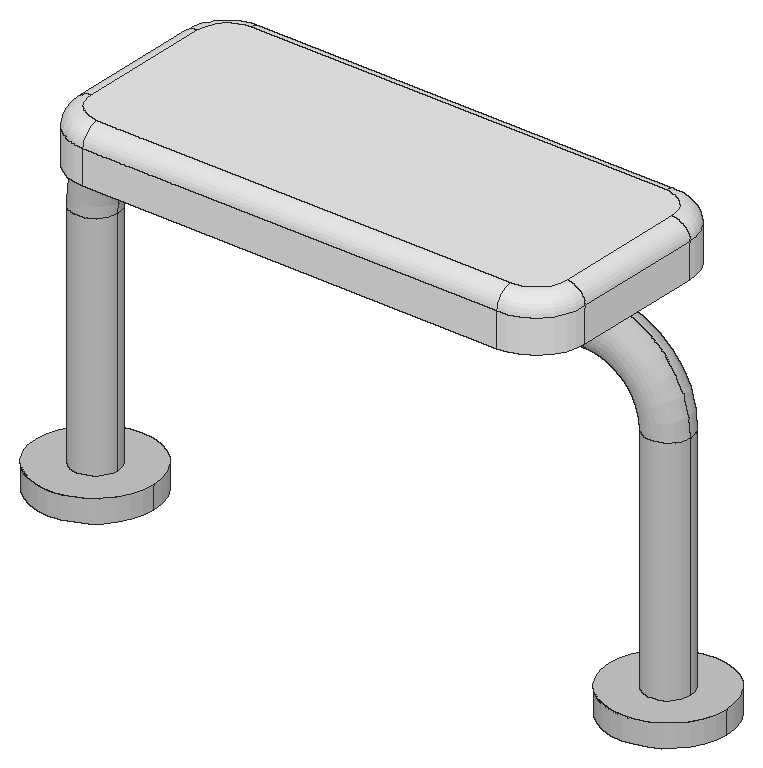
Revit family "xNBS_Bobrick_BackRest_B-5892", category Furniture, host Face, Revit 2015
Parameters (values of type "B-5892")
  WarrantyStartDate [instance] = "1900-12-31T23:59:59"  # constant formula
  WarrantyGuarantorParts = "n/a"  # constant formula
  WarrantyGuarantorLabor = "n/a"  # constant formula
  WarrantyDurationUnit = "n/a"  # constant formula
  WarrantyDurationParts = "n/a"  # constant formula
  WarrantyDurationLabor = "n/a"  # constant formula
  WarrantyDescription = "n/a"  # constant formula
  Version = "1"  # constant formula
  Uniclass2015Version = "Products v1.3"  # constant formula
  Uniclass2015Title = "WC pan backrests"  # constant formula
  Uniclass2015Code = "Pr_40_20_76_98"  # constant formula
  URL = "www.nationalbimlibrary.com"
  TagNumber [instance] = "n/a"  # constant formula
  SustainabilityPerformance = "n/a"  # constant formula
  Style = "n/a"  # constant formula
  Size = "405 x 281 x 160 mm"
  Shape = "n/a"  # constant formula
  SerialNumber [instance] = "n/a"  # constant formula
  Revision = "n/a"  # constant formula
  ReplacementCost = "n/a"  # constant formula
  Projection = 210 mm  # constant formula
  ProductInformation = "http://www.bobrick.co.uk/en/products/category/bathroom_accessories"
  NominalWidth = NominalLength  # 405 mm
  NominalLength = 405 mm
  NominalHeight = 160 mm  # constant formula
  NominalDepth = 281 mm  # constant formula
  Name = "B-5892"
  NBSTypeID = "n/a"  # constant formula
  NBSReference = "45-35-72/382"  # constant formula
  NBSOfficeMasterTag = "n/a"  # constant formula
  NBSNote = "n/a"  # constant formula
  NBSDescription = "WC backrests"  # constant formula
  NBSCertification = "http://www.nationalbimlibrary.com/cert/kltvurpk"
  ModelReference = "WC Backrest"
  ModelNumber = "n/a"  # constant formula
  Model = "B-5892"
  Material = "n/a"  # constant formula
  ManufacturerURL = "http://www.bobrick.co.uk"
  ManufacturerName = "n/a"  # constant formula
  Manufacturer = "Bobrick Washroom Equipment Ltd."
  MainColor = "n/a"  # constant formula
  InstallationDate [instance] = "1900-12-31T23:59:59"
  IfcExportType = "USERDEFINED"  # constant formula
  IfcExportAs = "IfcFurnitureType"  # constant formula
  Height = GrabBarRadius * 2  # 32 mm
  Grade = "n/a"  # constant formula
  GrabRailMaterial = Stainless Steel-Bobrick-Type 308-18 Gauge-Satin
  GrabBarRadius = 16 mm  # constant formula
  Finish = "n/a"  # constant formula
  Features = "n/a"  # constant formula
  ExpectedLife = "n/a"  # constant formula
  DurationUnit = "year"
  Description = "32mm (1-1⁄4\") Diameter Stainless Steel Grab Bar with Padded Back Rest"
  Depth = Projection + GrabBarRadius * 2  # 242 mm
  Default Elevation = 680 mm
  Cost = 0
  Constituents = "n/a"  # constant formula
  CodePerformance = "n/a"  # constant formula
  Category = "Pr_40_20_76_98:WC pan backrests"
  BarCode [instance] = "n/a"  # constant formula
  BackRestWidth = 360 mm  # constant formula
  BackRestMaterial = Foam-Bobrick-Polyurethane White
  BackRestDepth = 36 mm  # constant formula
  BIMObjectName = "Bobrick_WCBackrests_B-5892"
  Author = "NBS"  # constant formula
  AssetType = "Fixed"
  AssetIdentifier [instance] = "n/a"  # constant formula
  Assembly Code = "C1030200"
  AccessibilityPerformance = "n/a"  # constant formula
Reference planes
  plane 1 "RailTop": y = 0
  plane 2: z = 0
  plane 3 "Center (Left/Right)": x = 0
  plane 4 "RailCentreLeft": x = -202.5
  plane 5 "RailCentreRight": x = 202.5
  plane 6 "RailFaceFront": z = 245
  plane 7 "RailBottom": y = -32
  plane 8 "CentreElevation": y = -16
  plane 9 "RailEdgeLeft": x = -218.5
  plane 10 "RailEdgeRight": x = 218.5
  plane 11 "RailCentre": z = 229
  plane 12 "BackRestFront": z = 281
  plane 13: x = 180
  plane 14: x = -180
  plane 15: y = 64
  plane 16: y = -96
  plane 17: z = 16
  plane 18: z = 213
Forms (mm)
  Sweep 1, solid, material "Stainless Steel-Bobrick-Type 308-18 Gauge-Satin" <- "GrabRailMaterial"
    path origin (0, 0, 0) x (1, 0, 0) y (0, 0, 1)
      loop
        line (-202.5, 7) -> (-202.5, 179)
        arc (-202.5, 179) -> (-187.855, 214.355) -> (-152.5, 229) r 50
        line (-152.5, 229) -> (152.5, 229)
        arc (152.5, 229) -> (187.855, 214.355) -> (202.5, 179) r 50
        line (202.5, 179) -> (202.5, 7)
    profile origin (-202.5, 0, 93) x (-1, 0, 0) y (0, -1, 0)
      loop
        circle (0, 16) r 16
  Extrusion 2, solid, material "Stainless Steel-Bobrick-Type 308-18 Gauge-Satin" <- "GrabRailMaterial"
    sketch origin (0, 0, 0) x (1, 0, 0) y (0, 1, 0)
      loop
        circle (-202.5, -16) r 41.5
      loop
        circle (202.5, -16) r 41.5
    from 0 to 16
  Sweep 3, solid, material "Foam-Bobrick-Polyurethane White" <- "BackRestMaterial"
    path origin (0, 0, 0) x (1, 0, 0) y (0, 1, 0)
      loop
        arc (-146.625, 64) -> (-170.225, 54.225) -> (-180, 30.625) r 33.375
        line (-180, 30.625) -> (-180, -63)
        arc (-180, -63) -> (-170.335, -86.335) -> (-147, -96) r 33
        line (-147, -96) -> (145.5, -96)
        arc (145.5, -96) -> (169.895, -85.895) -> (180, -61.5) r 34.5
        line (180, -61.5) -> (180, 31)
        arc (180, 31) -> (170.335, 54.335) -> (147, 64) r 33
        line (147, 64) -> (-146.625, 64)
    profile origin (0.188, 64, 0) x (0, 1, 0) y (0, 0, 1)
      loop
        line (-12.311, 281) -> (-18.834, 281) -> (-18.834, 245) -> (0, 245) -> (0, 268.689)
        arc (0, 268.689) -> (-3.606, 277.394) -> (-12.311, 281) r 12.311
  Extrusion 4, solid, material "Foam-Bobrick-Polyurethane White" <- "BackRestMaterial"
    sketch origin (0, 0, 0) x (1, 0, 0) y (0, 1, 0)
      loop
        line (-161.166, 30.625) -> (-161.166, -63)
        arc (-161.166, -63) -> (-157.017, -73.017) -> (-147, -77.166) r 14.166
        line (-147, -77.166) -> (145.5, -77.166)
        arc (145.5, -77.166) -> (156.577, -72.577) -> (161.166, -61.5) r 15.666
        line (161.166, -61.5) -> (161.166, 31)
        arc (161.166, 31) -> (157.017, 41.017) -> (147, 45.166) r 14.166
        line (147, 45.166) -> (-146.625, 45.166)
        arc (-146.625, 45.166) -> (-156.907, 40.907) -> (-161.166, 30.625) r 14.541
    from 245 to 281
Cuts and joins
  joined: Sweep 3, Extrusion 4
  joined: Sweep 1, Extrusion 2
Lines and regions (mm)
  Masking region 1
    outline origin (0, 0, 0) x (1, 0, 0) y (0, 0, 1)
      loop
        line (244, 0) -> (244, 16) -> (218.5, 16) -> (218.5, 178.894)
        arc (218.5, 178.894) -> (200.053, 224.726) -> (155, 245) r 66.159
        line (155, 245) -> (180, 245) -> (180, 269.336)
        arc (180, 269.336) -> (176.584, 277.584) -> (168.336, 281) r 11.664
        line (168.336, 281) -> (-168.336, 281)
        arc (-168.336, 281) -> (-176.584, 277.584) -> (-180, 269.336) r 11.664
        line (-180, 269.336) -> (-180, 245) -> (-155, 245)
        arc (-155, 245) -> (-200.053, 224.726) -> (-218.5, 178.894) r 66.159
        line (-218.5, 178.894) -> (-218.5, 16) -> (-244, 16) -> (-244, 0) -> (-161, 0) -> (-161, 16) -> (-186.5, 16) -> (-186.5, 178.585)
        arc (-186.5, 178.585) -> (-176.974, 202.368) -> (-153.665, 213) r 34.453
        line (-153.665, 213) -> (153.665, 213)
        arc (153.665, 213) -> (176.974, 202.368) -> (186.5, 178.585) r 34.453
        line (186.5, 178.585) -> (186.5, 16) -> (161, 16) -> (161, 0) -> (244, 0)
  symbolic lines, detail levels medium+fine
    curve 1: line (155, 0, 245) -> (-155, 0, 245)
  symbolic lines, detail levels fine
    curve 2: line (218.5, 0, 16) -> (186.5, 0, 16)
    curve 3: line (-185, 0, 16) -> (-218.5, 0, 16)
Dimensions and locks
  equal spacing: plane 4 "RailCentreLeft", plane 3 "Center (Left/Right)", plane 5 "RailCentreRight"
  "NominalLength": plane 4 "RailCentreLeft" to plane 5 "RailCentreRight"
  equal spacing: plane 7 "RailBottom", plane 8 "CentreElevation", plane 1 "RailTop"
  "Height": plane 7 "RailBottom" to plane 1 "RailTop"
  "GrabBarRadius": plane 9 "RailEdgeLeft" to plane 4 "RailCentreLeft"
  "GrabBarRadius": plane 5 "RailCentreRight" to plane 10 "RailEdgeRight"
  plane 6 "RailFaceFront" to plane 11 "RailCentre" = 16 mm
  equal spacing: plane 14, plane 3 "Center (Left/Right)", plane 13
  "BackRestWidth": plane 14 to plane 13
  "BackRestDepth": plane 12 "BackRestFront" to plane 6 "RailFaceFront"
  equal spacing: plane 15, plane 8 "CentreElevation", plane 16
  "NominalHeight": plane 15 to plane 16
  level to plane 17 = 16 mm
  radius of Sweep 1 sketch curve = 50 mm  (x2)
  "GrabBarRadius": radius of Sweep 1 sketch curve
  radius of Sweep 3 sketch curve = 12.311 mm
  radius of Sweep 3 sketch curve = 33.375 mm
  radius of Sweep 3 sketch curve = 33 mm  (x2)
  diameter of Extrusion 2 sketch curve = 83 mm  (x2)
  aligned and locked: plane 2 to host face
  aligned and locked: level to host face
  aligned and locked: plane 4 "RailCentreLeft" to Sweep 1 sketch curve  (x2)
  aligned and locked: Sweep 1 sketch curve to plane 5 "RailCentreRight"
  aligned and locked: plane 8 "CentreElevation" to Sweep 1 sketch curve
  aligned and locked: plane 4 "RailCentreLeft" to Extrusion 2 sketch curve
  aligned and locked: plane 8 "CentreElevation" to Extrusion 2 sketch curve  (x2)
  aligned and locked: plane 5 "RailCentreRight" to Extrusion 2 sketch curve
  aligned and locked: Extrusion 2 to level
  aligned and locked: plane 17 to Extrusion 2
  aligned and locked: Sweep 3 sketch curve to plane 15
  aligned and locked: plane 13 to Sweep 3 sketch curve
  aligned and locked: Sweep 3 sketch curve to plane 14
  aligned and locked: plane 16 to Sweep 3 sketch curve
  aligned and locked: plane 12 "BackRestFront" to Sweep 3 sketch curve
  aligned and locked: plane 15 to Sweep 3 sketch curve
  aligned and locked: plane 6 "RailFaceFront" to Sweep 3 sketch curve
  aligned and locked: Extrusion 4 sketch curve to Sweep 3  (x4)
  aligned and locked: plane 12 "BackRestFront" to Extrusion 4
  aligned and locked: Extrusion 4 to plane 6 "RailFaceFront"
  aligned and locked: plane 14 to Masking region 1 sketch curve  (x2)
  aligned and locked: plane 13 to Masking region 1 sketch curve  (x2)
  aligned and locked: plane 17 to Masking region 1 sketch curve
  aligned and locked: Masking region 1 sketch curve to plane 17
  aligned and locked: Masking region 1 sketch curve to plane 10 "RailEdgeRight"
  aligned and locked: Masking region 1 sketch curve to plane 6 "RailFaceFront"
  aligned and locked: Masking region 1 sketch curve to level
  aligned and locked: plane 6 "RailFaceFront" to Masking region 1 sketch curve
  aligned and locked: plane 12 "BackRestFront" to Masking region 1 sketch curve  (x2)
  aligned and locked: plane 9 "RailEdgeLeft" to curve 3
  aligned and locked: curve 3 to plane 17
  aligned and locked: curve 2 to Masking region 1
  aligned and locked: Masking region 1 to curve 2
  aligned and locked: curve 2 to plane 17
Automatic sketch dimensions
  host sketch curve to host sketch curve = 2438.4 mm  (x2)
  level to Sweep 1 sketch curve = 7 mm  (x2)
  Sweep 3 sketch curve to plane 7 "RailBottom" = 29.5 mm
  Sweep 3 sketch curve to Sweep 3 sketch curve = 6.524 mm
  curve 1 to plane 14 = 25 mm
  plane 13 to curve 1 = 25 mm
  Sweep 1 sketch curve to plane 11 "RailCentre" = 0 mm
  plane 14 to curve 3 = 5 mm
  curve 1 to plane 6 "RailFaceFront" = 0 mm
  Masking region 1 sketch curve to level = 0 mm
  Masking region 1 sketch curve to plane 17 = 0 mm  (x2)
  Masking region 1 sketch curve to plane 9 "RailEdgeLeft" = 0 mm
  Masking region 1 sketch curve to plane 18 = 0 mm
  Masking region 1 sketch curve to Masking region 1 sketch curve = 25.5 mm
  plane 14 to Masking region 1 sketch curve = 6.5 mm
  Masking region 1 sketch curve to plane 12 "BackRestFront" = 11.664 mm
  Masking region 1 sketch curve to plane 14 = 19 mm
  Masking region 1 sketch curve to plane 14 = 25 mm
  Masking region 1 sketch curve to plane 14 = 26.335 mm
  Masking region 1 sketch curve to plane 14 = 27.659 mm
  Masking region 1 sketch curve to Masking region 1 sketch curve = 0.293 mm  (x2)
  plane 13 to Masking region 1 sketch curve = 27.953 mm
  plane 13 to Masking region 1 sketch curve = 26.335 mm
  Masking region 1 sketch curve to Masking region 1 sketch curve = 25 mm
  plane 13 to Masking region 1 sketch curve = 19 mm
  plane 13 to Masking region 1 sketch curve = 11.664 mm
  Masking region 1 sketch curve to plane 13 = 6.5 mm
  plane 10 "RailEdgeRight" to Masking region 1 sketch curve = 25.5 mm
